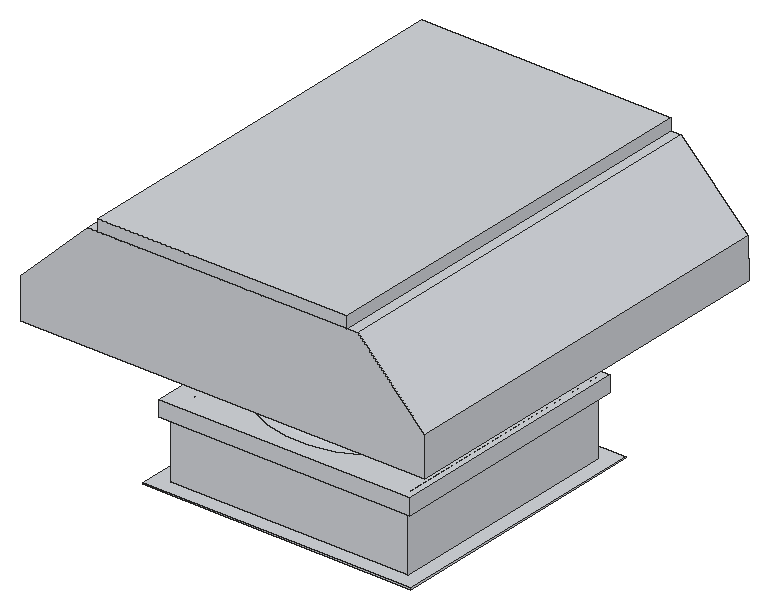
Revit family "HXEM", category Mechanical Equipment, Revit 2019
Family settings
  Round Connector Dimension = Use Diameter
  Part Type = Normal
  Work Plane-Based = No
  Always vertical = Yes
  Cut with Voids When Loaded = No
  Shared = No
  Room Calculation Point = No
Parameters (values of type "20-HXEM")
  Unit Weight [instance] = ""
  Sones [instance] = ""
  RO/2 = RO / 2  # 1' - 1 3/4"
  Motor RPM [instance] = ""
  Motor Enclosure [instance] = ""
  ModelID [instance] = ""
  LwA [instance] = ""
  W/2 = W / 2  # 2' - 2"
  L/2 = L / 2  # 2' - 2"
  RO = T_SQ - 0' 4 1/2"  # 2' - 3 1/2"
  T_SQ/2 = T_SQ / 2  # 1' - 4"
  Fan RPM [instance] = ""
  T_SQ = 2' - 8"
  W = 4' - 4"
  L = 4' - 4"
  CURB_HEIGHT [instance] = 0' - 9 1/2"
  CURB [instance] = yes
  C/2 = C / 2  # 0' - 5"
  C = 0' - 10"
  Brake Hp [instance] = ""
  B/2 = B / 2  # 0' - 1"
  B-.125" = B - 0' 0 1/8"  # 0' - 1 7/8"
  Accessories [instance] = ""
  A-C = A - C  # 1' - 5 1/4"
  B = 0' - 2"
  A/2 = A / 2  # 1' - 1 5/8"
  A-1.5" = A - 0' 1 1/2"  # 2' - 1 3/4"
  A = 2' - 3 1/4"
  4" = 0' - 4"  # constant formula
  2' = 2' - 0"
  2" = 0' - 2"  # constant formula
  1" = 0' - 1"  # constant formula
  0 = 0' - 0"  # constant formula
  Voltage [instance] = 0 V
  URL = "www.lorencook.com"
  Type Comments = "Hooded Exhaust Ventilator Medium-Pressure Steel Propeller Roof Mounted/Belt Drive"  # constant formula
  Static Pressure [instance] = 0.00 in-wg
  Power [instance] = Voltage * Motor FLA * sqrt(if(Phase = 3, 3, 1))  # 0 VA
  Phase [instance] = 0
  Number of Poles [instance] = 1
  Motor Hp [instance] = "0"
  Motor FLA [instance] = 0 A
  Model = "HXEM"  # constant formula
  Manufacturer = "Loren Cook Company"
  CFM [instance] = 0 CFM
  1.5 = 0' - 1 1/2"  # constant formula
  ONE EIGTH = 0' - 0 1/8"  # constant formula
  -L/2 = -L / 2  # -2' - 2"
  -(C/2) = -(C / 2)  # -0' - 5"
  -(A/2) = -(A / 2)  # -1' - 1 5/8"
  (T_SQ/2)-2" = (T_SQ / 2) - 0' 2"  # 1' - 2"
  (T_SQ/2)+.125" = (T_SQ / 2) + 0' 0 1/8"  # 1' - 4 1/8"
  (A-C)/2 = (A - C) / 2  # 0' - 8 5/8"
Types (9): name | RO/2 | W/2 | L/2 | RO | T_SQ/2 | T_SQ | W | L | C/2 | C | B/2 | B-.125" | A-C | B | A/2 | A-1.5" | A | -L/2 | -(C/2) | -(A/2) | (T_SQ/2)-2" | (T_SQ/2)+.125" | (A-C)/2
  (no name) | 1' - 1 3/4" | 2' - 2" | 2' - 2" | 2' - 3 1/2" | 1' - 4" | 2' - 8" | 4' - 4" | 4' - 4" | 0' - 5" | 0' - 10" | 0' - 1" | 0' - 1 7/8" | 1' - 5 1/4" | 0' - 2" | 1' - 1 5/8" | 2' - 1 3/4" | 2' - 3 1/4" | -2' - 2" | -0' - 5" | -1' - 1 5/8" | 1' - 2" | 1' - 4 1/8" | 0' - 8 5/8"
  20-HXEM | 1' - 1 3/4" | 2' - 2" | 2' - 2" | 2' - 3 1/2" | 1' - 4" | 2' - 8" | 4' - 4" | 4' - 4" | 0' - 5" | 0' - 10" | 0' - 1" | 0' - 1 7/8" | 1' - 5 1/4" | 0' - 2" | 1' - 1 5/8" | 2' - 1 3/4" | 2' - 3 1/4" | -2' - 2" | -0' - 5" | -1' - 1 5/8" | 1' - 2" | 1' - 4 1/8" | 0' - 8 5/8"
  30-HXEM | 1' - 6 3/4" | 2' - 10 1/2" | 2' - 10 1/2" | 3' - 1 1/2" | 1' - 9" | 3' - 6" | 5' - 9" | 5' - 9" | 0' - 5" | 0' - 10" | 0' - 1 1/2" | 0' - 2 7/8" | 1' - 8 1/2" | 0' - 3" | 1' - 3 1/4" | 2' - 5" | 2' - 6 1/2" | -2' - 10 1/2" | -0' - 5" | -1' - 3 1/4" | 1' - 7" | 1' - 9 1/8" | 0' - 10 1/4"
  36-HXEM | 1' - 9 3/4" | 3' - 4" | 3' - 4" | 3' - 7 1/2" | 2' - 0" | 4' - 0" | 6' - 8" | 6' - 8" | 0' - 5" | 0' - 10" | 0' - 1 1/2" | 0' - 2 7/8" | 1' - 11" | 0' - 3" | 1' - 4 1/2" | 2' - 7 1/2" | 2' - 9" | -3' - 4" | -0' - 5" | -1' - 4 1/2" | 1' - 10" | 2' - 0 1/8" | 0' - 11 1/2"
  42-HXEM | 2' - 0 3/4" | 3' - 9" | 3' - 9" | 4' - 1 1/2" | 2' - 3" | 4' - 6" | 7' - 6" | 7' - 6" | 0' - 5" | 0' - 10" | 0' - 1 1/2" | 0' - 2 7/8" | 2' - 4" | 0' - 3" | 1' - 7" | 3' - 0 1/2" | 3' - 2" | -3' - 9" | -0' - 5" | -1' - 7" | 2' - 1" | 2' - 3 1/8" | 1' - 2"
  48-HXEM | 2' - 3 3/4" | 3' - 9" | 4' - 7" | 4' - 7 1/2" | 2' - 6" | 5' - 0" | 7' - 6" | 9' - 2" | 0' - 5" | 0' - 10" | 0' - 1 1/2" | 0' - 2 7/8" | 2' - 7 1/2" | 0' - 3" | 1' - 8 3/4" | 3' - 4" | 3' - 5 1/2" | -4' - 7" | -0' - 5" | -1' - 8 3/4" | 2' - 4" | 2' - 6 1/8" | 1' - 3 3/4"
  54-HXEM | 2' - 6 3/4" | 4' - 6 1/2" | 4' - 7 1/2" | 5' - 1 1/2" | 2' - 9" | 5' - 6" | 9' - 1" | 9' - 3" | 0' - 7 3/8" | 1' - 2 3/4" | 0' - 1 1/2" | 0' - 2 7/8" | 2' - 5 3/4" | 0' - 3" | 1' - 10 1/4" | 3' - 7" | 3' - 8 1/2" | -4' - 7 1/2" | -0' - 7 3/8" | -1' - 10 1/4" | 2' - 7" | 2' - 9 1/8" | 1' - 2 7/8"
  60-HXEM | 2' - 9 3/4" | 4' - 11 1/2" | 5' - 0 1/2" | 5' - 7 1/2" | 3' - 0" | 6' - 0" | 9' - 11" | 10' - 1" | 0' - 7 3/8" | 1' - 2 3/4" | 0' - 1 1/2" | 0' - 2 7/8" | 2' - 5 3/4" | 0' - 3" | 1' - 10 1/4" | 3' - 7" | 3' - 8 1/2" | -5' - 0 1/2" | -0' - 7 3/8" | -1' - 10 1/4" | 2' - 10" | 3' - 0 1/8" | 1' - 2 7/8"
  24-HXEM | 1' - 3 3/4" | 2' - 5 1/2" | 2' - 5 1/2" | 2' - 7 1/2" | 1' - 6" | 3' - 0" | 4' - 11" | 4' - 11" | 0' - 5" | 0' - 10" | 0' - 1 1/2" | 0' - 2 7/8" | 1' - 6 3/4" | 0' - 3" | 1' - 2 3/8" | 2' - 3 1/4" | 2' - 4 3/4" | -2' - 5 1/2" | -0' - 5" | -1' - 2 3/8" | 1' - 4" | 1' - 6 1/8" | 0' - 9 3/8"
Reference planes (in)
  plane 1 "Center (Front/Back)": y = 0
  plane 2: z = 0
  plane 3 "Center (Left/Right)": x = 0.40541
Forms (in)
  Extrusion 1, solid
    sketch origin (0, 0, 0) x (1, 0, 0) y (0, 1, 0)
      loop
        line (-15.71959, 16.125) -> (-15.71959, -16.125) -> (16.53041, -16.125) -> (16.53041, 16.125) -> (-15.71959, 16.125)
    from 0 to 2 <- "B"
  Extrusion 2, void
    sketch origin (0, 0, 0) x (1, 0, 0) y (0, 1, 0)
      loop
        line (-15.59459, 16) -> (-15.59459, -16) -> (16.40541, -16) -> (16.40541, 16) -> (-15.59459, 16)
    from 0 to 1.875 <- "B-.125""
  Revolve 3, solid
    sketch origin (0, 0, 0) x (1, 0, 0) y (0, 0, 1)
      loop
        line (0.40541, 2) -> (14.40541, 2)
        arc (14.40541, 2) -> (9.40541, 7) -> (14.40541, 12) r 5
        line (14.40541, 12) -> (0.40541, 12) -> (0.40541, 2)
      axis (0.40541, 12) -> (0.40541, 2)
    angle from 0 to 360
  Extrusion 4, solid
    sketch origin (0, 0, 0) x (1, 0, 0) y (0, 0, 1)
      loop
        line (-25.59459, 12) -> (26.40541, 12) -> (26.40541, 25.75) -> (-25.59459, 25.75) -> (-25.59459, 12)
    from -26 <- "-L/2" to 26 <- "L/2"
  Extrusion 5, solid
    sketch origin (0, 0, 0) x (1, 0, 0) y (0, 0, 1)
      loop
        line (-15.59459, 25.75) -> (16.40541, 25.75) -> (16.40541, 27.25) -> (-15.59459, 27.25) -> (-15.59459, 25.75)
    from 26 <- "L/2" to -26 <- "-L/2"
  Extrusion 6, void
    sketch origin (0, 0, 0) x (1, 0, 0) y (0, 0, 1)
      loop
        line (17.78041, 25.75) -> (26.40541, 17.125) -> (26.40541, 25.75) -> (17.78041, 25.75)
      loop
        line (-16.96959, 25.75) -> (-25.59459, 25.75) -> (-25.59459, 17.125) -> (-16.96959, 25.75)
    from 26 <- "L/2" to -26 <- "-L/2"
  Extrusion 7, solid, visible <- "CURB"
    sketch origin (0, 0, 1.875) x (0, 1, 0) y (1, 0, 0)
      loop
        line (13.75, -13.34459) -> (13.75, 14.15541) -> (-13.75, 14.15541) -> (-13.75, -13.34459) -> (13.75, -13.34459)
      loop
        line (-15.25, 15.65541) -> (-15.25, -14.84459) -> (15.25, -14.84459) -> (15.25, 15.65541) -> (-15.25, 15.65541)
    from 0 to 9.5 <- "CURB_HEIGHT"
  Extrusion 8, solid, visible <- "CURB"
    sketch origin (0, 0, -7.625) x (-1, 0, 0) y (0, 1, 0)
      loop
        line (14.84459, -15.25) -> (14.84459, 15.25) -> (-15.65541, 15.25) -> (-15.65541, -15.25) -> (14.84459, -15.25)
      loop
        line (-17.65541, 17.25) -> (-17.65541, -17.25) -> (16.84459, -17.25) -> (16.84459, 17.25) -> (-17.65541, 17.25)
    from 0 to -0.125
Cuts and joins
  Extrusion 2 cuts Extrusion 1
  Extrusion 6 cuts Extrusion 4
  Extrusion 6 cuts Extrusion 5
Dimensions and locks (in)
  "(T_SQ/2)+.125"": Extrusion 1 sketch curve to plane 3 "Center (Left/Right)"
  "(T_SQ/2)+.125"": plane 3 "Center (Left/Right)" to Extrusion 1 sketch curve
  "(T_SQ/2)+.125"": plane 1 "Center (Front/Back)" to Extrusion 1 sketch curve
  "(T_SQ/2)+.125"": Extrusion 1 sketch curve to plane 1 "Center (Front/Back)"
  "T_SQ/2": Extrusion 2 sketch curve to plane 3 "Center (Left/Right)"
  "T_SQ/2": plane 3 "Center (Left/Right)" to Extrusion 2 sketch curve
  "T_SQ/2": plane 1 "Center (Front/Back)" to Extrusion 2 sketch curve
  "T_SQ/2": Extrusion 2 sketch curve to plane 1 "Center (Front/Back)"
  "C": Revolve 3 sketch curve to cut or joined group of Extrusion 1, Extrusion 2
  "(T_SQ/2)-2"": Revolve 3 sketch curve to plane 3 "Center (Left/Right)"
  "0": Revolve 3 sketch curve to plane 3 "Center (Left/Right)"  (x2)
  "0": Revolve 3 sketch curve to cut or joined group of Extrusion 1, Extrusion 2
  "A-1.5"": Extrusion 4 sketch curve to level
  "0": Extrusion 4 sketch curve to Revolve 3
  "W/2": Extrusion 4 sketch curve to plane 3 "Center (Left/Right)"  (x2)
  "0": Extrusion 5 sketch curve to Extrusion 4
  "1.5": Extrusion 5 sketch curve to Extrusion 5 sketch curve
  "T_SQ/2": Extrusion 5 sketch curve to plane 3 "Center (Left/Right)"
  "T_SQ/2": plane 3 "Center (Left/Right)" to Extrusion 5 sketch curve
  "0": Extrusion 6 sketch curve to Extrusion 4  (x3)
  "0": Extrusion 4 to Extrusion 6 sketch curve
  "(A-C)/2": Extrusion 6 sketch curve to Extrusion 6 sketch curve  (x4)
  "1.5": Extrusion 7 sketch curve to Extrusion 7 sketch curve  (x4)
  "RO/2": Extrusion 7 sketch curve to plane 3 "Center (Left/Right)"
  "RO/2": plane 3 "Center (Left/Right)" to Extrusion 7 sketch curve
  "RO/2": plane 1 "Center (Front/Back)" to Extrusion 7 sketch curve
  "RO/2": Extrusion 7 sketch curve to plane 1 "Center (Front/Back)"
  "2"": Extrusion 8 sketch curve to Extrusion 8 sketch curve  (x4)
  "0": Extrusion 8 sketch curve to Extrusion 7  (x3)
  "0": Extrusion 7 to Extrusion 8 sketch curve
Automatic sketch dimensions
  Revolve 3 sketch curve to level = 0' - 4"
  Revolve 3 sketch curve to Revolve 3 sketch curve = 0' - 0"
Connectors (in)
  hvac at (0.40541, 0, 1.875), driven by "RO", driven by "RO", driven by "CFM"
    settings: on cut or joined group of Extrusion 1, Extrusion 2, index 1, duct flow 0 CFM, flow factor 0, pres drop 0.00 in-wg, loss coef 0, conn angle 0.00°, conn width 27 1/2", conn height 27 1/2", conn diameter 24", duct sys type 3, conn prof type 1, flow config 0, flow direction 1, loss method 0, conn ref index -1, conn util no, is conn primary yes, conn desc ""
  electrical at (0.40541, 0, 1.875)
    settings: on cut or joined group of Extrusion 1, Extrusion 2, index 2, voltage 0 V, apparent load 0 VA, apparent load phase1 0 VA, apparent load phase2 0 VA, apparent load phase3 0 VA, power factor 1, load classification "Other", number of poles 1, system type 30, power factor state 1, is connector primary yes, connector utility no, sub classification motor no, connector description ""
